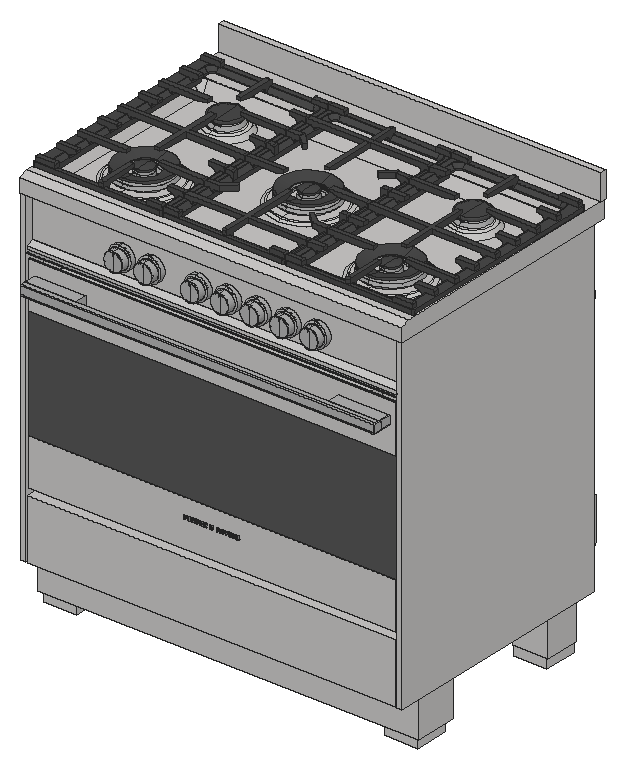
Revit family "FP_Revit_18_OR90SDG4X1_Range_90001042A", category Specialty Equipment, Revit 2018 (continued)
Definition of nested family "F&P Burner Dual Wok"
  Forms (mm)
    Revolve 4, solid, material <- "Material - Burners & Trivets", detail levels coarse+medium
      sketch origin (0, 0, 0) x (0, 1, 0) y (0, 0, 1)
        loop
          line (-67.134, 45.199) -> (-67.134, 23.2) -> (-36.35, 23.2) -> (-36.35, 36.951) -> (-67.134, 45.199)
        loop
          line (-21.2, 42.433) -> (-21.2, 23.2) -> (0, 23.2) -> (0, 42.433) -> (-21.2, 42.433)
        axis (0, 45.199) -> (0, 23.2)
      angle from 0 to 360
  Cuts and joins
    Extrusion 3 cuts Revolve 2
    Extrusion 3 cuts Revolve 1
  Dimensions and locks
    aligned and locked: level to plane 2
Definition of nested family "F&P Burner Semi Rapid"
  Parameters (values of type "F&P Burner Semi Rapid")
    URL = "www.fisherpaykel.com"
    Material - Burners & Trivets = none
    Material - Body = none
    Manufacturer = "Fisher & Paykel Appliances"
  Reference planes
    plane 1 "Center (Front/Back)": y = 0
    plane 2: z = 0
    plane 3 "Center (Left/Right)": x = 0
  Forms (mm)
    Revolve 1, solid, material <- "Material - Burners & Trivets", detail levels fine
      sketch origin (0, 0, 0) x (0, 1, 0) y (0, 0, 1)
        loop
          line (0, 18.4) -> (0, 21.9) -> (-34.1, 21.9)
          arc (-34.1, 21.9) -> (-36.575, 20.875) -> (-37.6, 18.4) r 3.5
          line (-37.6, 18.4) -> (0, 18.4)
        axis (0, 21.9) -> (0, 18.4)
      angle from 0 to 360
    Revolve 2, solid, material <- "Material - Body", detail levels fine
      sketch origin (0, 0, 0) x (0, 1, 0) y (0, 0, 1)
        loop
          line (0, 18.4) -> (-31, 18.4) -> (-33.046, 11.4) -> (-35, 11.4) -> (-38, 3) -> (0, 3) -> (0, 18.4)
        axis (0, 18.4) -> (0, 3)
      angle from 0 to 360
    Extrusion 3, solid, material <- "Material - Burners & Trivets", detail levels coarse+medium
      sketch origin (0, 0, 0) x (1, 0, 0) y (0, 1, 0)
        loop
          circle (0, 0) r 38
      from 0 to 22
  Dimensions and locks
    aligned and locked: level to plane 2
Definition of nested family "F&P Dial Range Contemporary"
  Parameters (values of type "F&P Dial Range Contemporary")
    URL = "www.fisherpaykel.com"
    Material - Buttons and Dials = none
    Manufacturer = "Fisher & Paykel Appliances"
  Reference planes
    plane 1 "Center (Front/Back)": y = 0
    plane 2: z = 0
    plane 3 "Center (Left/Right)": x = 0
  Forms (mm)
    Revolve 1, solid, material <- "Material - Buttons and Dials", detail levels fine
      sketch origin (0, 0, 0) x (0, 1, 0) y (0, 0, 1)
        loop
          line (0, 0) -> (0, 27.732) -> (-10.5, 27.732) -> (-13, 24.291) -> (-13, 22) -> (-29.2, 22) -> (-30, 21.2) -> (-30, 0) -> (0, 0)
        axis (0, 0) -> (-30, 0)
      angle from 0 to 360
    Revolve 2, solid, material <- "Material - Buttons and Dials", detail levels coarse+medium
      sketch origin (0, 0, 0) x (0, 1, 0) y (0, 0, 1)
        loop
          line (-30, 0) -> (0, 0) -> (0, 27.732) -> (-13, 27.732) -> (-13, 22) -> (-30, 22) -> (-30, 0)
        axis (0, 0) -> (-30, 0)
      angle from 0 to 360
    Extrusion 3, void
      sketch origin (0, 0, 0) x (1, 0, 0) y (0, 1, 0)
        loop
          line (-1, -6) -> (-1, -13) -> (1, -13) -> (1, -6)
          arc (1, -6) -> (0, -5) -> (-1, -6) r 1
      from 27 to 28
    Extrusion 4, void
      sketch origin (0, 0, 0) x (1, 0, 0) y (0, 0, 1)
        loop
          line (-1, 19) -> (-1, 16)
          arc (-1, 16) -> (0, 15) -> (1, 16) r 1
          line (1, 16) -> (1, 19)
          arc (1, 19) -> (0, 20) -> (-1, 19) r 1
      from 29.2 to 30
  Cuts and joins
    Extrusion 3, Extrusion 4 cuts Revolve 1
  Dimensions and locks
    aligned and locked: level to plane 2
Definition of nested family "F&P Trivet Range Classic 90"
  Parameters (values of type "F&P Trivet Range Classic 90")
    URL = "www.fisherpaykel.com"
    Material - Burners & Trivets = none
    Manufacturer = "Fisher & Paykel Appliances"
  Reference planes
    plane 1 "Center (Front/Back)": y = 0
    plane 2: z = 0
    plane 3 "Center (Left/Right)": x = 0
  Forms (mm)
    Extrusion 1, solid, material <- "Material - Burners & Trivets", detail levels medium+fine
      sketch origin (0, 0, 0) x (1, 0, 0) y (0, 1, 0)
        loop
          arc (-298.9, 251.75) -> (-301.728, 250.578) -> (-302.9, 247.75) r 4
          line (-302.9, 247.75) -> (-302.9, -247.75)
          arc (-302.9, -247.75) -> (-301.728, -250.578) -> (-298.9, -251.75) r 4
          line (-298.9, -251.75) -> (-4.9, -251.75)
          arc (-4.9, -251.75) -> (-2.072, -250.578) -> (-0.9, -247.75) r 4
          line (-0.9, -247.75) -> (-0.9, 247.75)
          arc (-0.9, 247.75) -> (-2.072, 250.578) -> (-4.9, 251.75) r 4
          line (-4.9, 251.75) -> (-298.9, 251.75)
        loop
          arc (-31.7, -241.25) -> (-17.558, -235.392) -> (-11.7, -221.25) r 20
          line (-11.7, -221.25) -> (-11.7, 221.25)
          arc (-11.7, 221.25) -> (-17.558, 235.392) -> (-31.7, 241.25) r 20
          line (-31.7, 241.25) -> (-259.31, 241.25)
          arc (-259.31, 241.25) -> (-273.452, 235.392) -> (-279.31, 221.25) r 20
          line (-279.31, 221.25) -> (-279.31, -221.25)
          arc (-279.31, -221.25) -> (-273.452, -235.392) -> (-259.31, -241.25) r 20
          line (-259.31, -241.25) -> (-31.7, -241.25)
      from 9.493 to 19
    Sweep 2, solid, material <- "Material - Burners & Trivets", detail levels medium+fine
      path in 3D
        loop
          arc (-279.31, 221.25, 19) -> (-273.452, 235.392, 19) -> (-259.31, 241.25, 19) r 20
          line (-259.31, 241.25, 19) -> (-31.7, 241.25, 19)
          arc (-31.7, 241.25, 19) -> (-17.558, 235.392, 19) -> (-11.7, 221.25, 19) r 20
          line (-11.7, 221.25, 19) -> (-11.7, -221.25, 19)
          arc (-11.7, -221.25, 19) -> (-17.558, -235.392, 19) -> (-31.7, -241.25, 19) r 20
          line (-31.7, -241.25, 19) -> (-259.31, -241.25, 19)
          arc (-259.31, -241.25, 19) -> (-273.452, -235.392, 19) -> (-279.31, -221.25, 19) r 20
          line (-279.31, -221.25, 19) -> (-279.31, 221.25, 19)
      profile origin (-279.31, 0, 19) x (-1, 0, 0) y (0, 0, 1)
        loop
          line (0, 0) -> (-10.55, -9.507) -> (-10.55, -19) -> (0, -19) -> (0, 0)
    Extrusion 3, solid, material <- "Material - Burners & Trivets", detail levels medium+fine
      sketch origin (0, 0, 0) x (1, 0, 0) y (0, 0, 1)
        loop
          line (-298.89, 19) -> (-279.31, 19) -> (-268.76, 9.493) -> (-268.76, 13.504)
          arc (-268.76, 13.504) -> (-267.798, 16.453) -> (-265.283, 18.267) r 5
          line (-265.283, 18.267) -> (-252.67, 22.3) -> (-252.67, 27.3)
          arc (-252.67, 27.3) -> (-253.549, 29.421) -> (-255.67, 30.3) r 3
          line (-255.67, 30.3) -> (-295.89, 30.3)
          arc (-295.89, 30.3) -> (-298.011, 29.421) -> (-298.89, 27.3) r 3
          line (-298.89, 27.3) -> (-298.89, 19)
        loop
          line (-0.9, 19) -> (-0.9, 27.3)
          arc (-0.9, 27.3) -> (-1.779, 29.421) -> (-3.9, 30.3) r 3
          line (-3.9, 30.3) -> (-38.33, 30.3) -> (-38.33, 22.298) -> (-25.717, 18.266)
          arc (-25.717, 18.266) -> (-23.202, 16.451) -> (-22.24, 13.503) r 5
          line (-22.24, 13.503) -> (-22.24, 9.507) -> (-11.705, 19) -> (-0.9, 19)
      from 174.48 to 185.18
    Extrusion 4, solid, material <- "Material - Burners & Trivets", detail levels medium+fine
      sketch origin (0, 0, 0) x (1, 0, 0) y (0, 0, 1)
        loop
          line (-252.67, 19) -> (-252.67, 27.3)
          arc (-252.67, 27.3) -> (-253.549, 29.421) -> (-255.67, 30.3) r 3
          line (-255.67, 30.3) -> (-295.89, 30.3)
          arc (-295.89, 30.3) -> (-298.011, 29.421) -> (-298.89, 27.3) r 3
          line (-298.89, 27.3) -> (-298.89, 19) -> (-252.67, 19)
        loop
          line (-0.9, 19) -> (-0.9, 27.3)
          arc (-0.9, 27.3) -> (-1.779, 29.421) -> (-3.9, 30.3) r 3
          line (-3.9, 30.3) -> (-35.33, 30.3)
          arc (-35.33, 30.3) -> (-37.451, 29.421) -> (-38.33, 27.3) r 3
          line (-38.33, 27.3) -> (-38.33, 19) -> (-0.9, 19)
      from 238.25 to 248.23
    Extrusion 5, solid, material <- "Material - Burners & Trivets", detail levels medium+fine
      sketch origin (0, 0, 0) x (1, 0, 0) y (0, 0, 1)
        loop
          line (-298.89, 19) -> (-279.31, 19) -> (-268.76, 9.493) -> (-268.76, 13.3)
          arc (-268.76, 13.3) -> (-267.296, 16.836) -> (-263.76, 18.3) r 5
          line (-263.76, 18.3) -> (-208.4, 18.3) -> (-183.4, 23.8) -> (-183.4, 30.3) -> (-295.89, 30.3)
          arc (-295.89, 30.3) -> (-298.011, 29.421) -> (-298.89, 27.3) r 3
          line (-298.89, 27.3) -> (-298.89, 19)
        loop
          line (-0.9, 19) -> (-0.9, 27.3)
          arc (-0.9, 27.3) -> (-1.779, 29.421) -> (-3.9, 30.3) r 3
          line (-3.9, 30.3) -> (-107.6, 30.3) -> (-107.6, 23.8) -> (-82.6, 18.3) -> (-27.24, 18.3)
          arc (-27.24, 18.3) -> (-23.704, 16.836) -> (-22.24, 13.3) r 5
          line (-22.24, 13.3) -> (-22.24, 9.507) -> (-11.705, 19) -> (-0.9, 19)
      from 114.52 to 125.22
    Extrusion 6, solid, material <- "Material - Burners & Trivets", detail levels medium+fine
      sketch origin (0, 0, 0) x (0, 1, 0) y (0, 0, 1)
        loop
          line (-230.721, 9.512) -> (-230.721, 14)
          arc (-230.721, 14) -> (-229.257, 17.536) -> (-225.721, 19) r 5
          line (-225.721, 19) -> (-179.278, 19) -> (-157.46, 23.8) -> (-157.46, 30.3) -> (-243.58, 30.3)
          arc (-243.58, 30.3) -> (-245.701, 29.421) -> (-246.58, 27.3) r 3
          line (-246.58, 27.3) -> (-246.58, 19) -> (-241.25, 19) -> (-230.721, 9.512)
        loop
          line (-5.82, 18.3) -> (-5.82, 30.3) -> (-82.12, 30.3) -> (-82.12, 23.8) -> (-57.12, 18.3) -> (-5.82, 18.3)
        loop
          line (230.721, 9.514) -> (241.248, 19) -> (246.58, 19) -> (246.58, 27.3)
          arc (246.58, 27.3) -> (245.701, 29.421) -> (243.58, 30.3) r 3
          line (243.58, 30.3) -> (157.46, 30.3) -> (157.46, 23.8) -> (182.46, 18.3) -> (225.721, 18.3)
          arc (225.721, 18.3) -> (229.257, 16.836) -> (230.721, 13.3) r 5
          line (230.721, 13.3) -> (230.721, 9.514)
        loop
          line (5.82, 18.3) -> (57.12, 18.3) -> (82.12, 23.8) -> (82.12, 30.3) -> (5.82, 30.3) -> (5.82, 18.3)
      from -150.604 to -140.396
    Extrusion 7, solid, material <- "Material - Burners & Trivets", detail levels medium+fine
      sketch origin (0, 0, 0) x (1, 0, 0) y (0, 0, 1)
        loop
          line (-298.89, 19) -> (-279.31, 19) -> (-268.76, 9.493) -> (-268.76, 13.3)
          arc (-268.76, 13.3) -> (-267.296, 16.836) -> (-263.76, 18.3) r 5
          line (-263.76, 18.3) -> (-27.24, 18.3)
          arc (-27.24, 18.3) -> (-23.704, 16.836) -> (-22.24, 13.3) r 5
          line (-22.24, 13.3) -> (-22.24, 9.507) -> (-11.705, 19) -> (-0.9, 19) -> (-0.9, 27.3)
          arc (-0.9, 27.3) -> (-1.779, 29.421) -> (-3.9, 30.3) r 3
          line (-3.9, 30.3) -> (-295.89, 30.3)
          arc (-295.89, 30.3) -> (-298.011, 29.421) -> (-298.89, 27.3) r 3
          line (-298.89, 27.3) -> (-298.89, 19)
      from -5.82 to 5.82
    Extrusion 8, solid, material <- "Material - Burners & Trivets", detail levels coarse
      sketch origin (0, 0, 0) x (1, 0, 0) y (0, 1, 0)
        loop
          line (-302.9, 251.75) -> (-302.9, -251.75) -> (-0.9, -251.75) -> (-0.9, 251.75) -> (-302.9, 251.75)
        loop
          line (-268.76, 230.7) -> (-268.76, -230.7) -> (-22.25, -230.7) -> (-22.25, 230.7) -> (-268.76, 230.7)
      from 9.493 to 19
    Extrusion 9, solid, detail levels coarse
      sketch origin (0, 0, 0) x (1, 0, 0) y (0, 1, 0)
        loop
          line (-150.604, 246.58) -> (-150.604, 125.22) -> (-298.89, 125.22) -> (-298.89, 114.52) -> (-150.604, 114.52) -> (-150.604, 5.82) -> (-298.89, 5.82) -> (-298.89, -5.82) -> (-150.604, -5.82) -> (-150.604, -114.52) -> (-298.89, -114.52) -> (-298.89, -125.22) -> (-150.604, -125.22) -> (-150.604, -246.58) -> (-140.396, -246.58) -> (-140.396, -125.22) -> (-0.9, -125.22) -> (-0.9, -114.52) -> (-140.396, -114.52) -> (-140.396, -5.82) -> (-0.9, -5.82) -> (-0.9, 5.82) -> (-140.396, 5.82) -> (-140.396, 114.52) -> (-0.9, 114.52) -> (-0.9, 125.22) -> (-140.396, 125.22) -> (-140.396, 246.58) -> (-150.604, 246.58)
      from 19 to 30.3
    Extrusion 10, solid, material <- "Material - Burners & Trivets", detail levels medium+fine
      sketch origin (0, -239.74, 0) x (1, 0, 0) y (0, 0, -1)
        loop
          line (-298.89, -19) -> (-298.89, -27.3)
          arc (-298.89, -27.3) -> (-298.011, -29.421) -> (-295.89, -30.3) r 3
          line (-295.89, -30.3) -> (-255.67, -30.3)
          arc (-255.67, -30.3) -> (-253.549, -29.421) -> (-252.67, -27.3) r 3
          line (-252.67, -27.3) -> (-252.67, -22.3) -> (-265.283, -18.267)
          arc (-265.283, -18.267) -> (-267.798, -16.453) -> (-268.76, -13.504) r 5
          line (-268.76, -13.504) -> (-268.76, -9.493) -> (-279.31, -19) -> (-298.89, -19)
        loop
          line (-0.9, -19) -> (-11.705, -19) -> (-22.24, -9.507) -> (-22.24, -13.503)
          arc (-22.24, -13.503) -> (-23.202, -16.451) -> (-25.717, -18.266) r 5
          line (-25.717, -18.266) -> (-38.33, -22.298) -> (-38.33, -30.3) -> (-3.9, -30.3)
          arc (-3.9, -30.3) -> (-1.779, -29.421) -> (-0.9, -27.3) r 3
          line (-0.9, -27.3) -> (-0.9, -19)
      from 174.48 to 185.18
    Extrusion 11, solid, material <- "Material - Burners & Trivets", detail levels medium+fine
      sketch origin (0, 239.74, 0) x (1, 0, 0) y (0, 0, 1)
        loop
          line (-298.89, 19) -> (-279.31, 19) -> (-268.76, 9.493) -> (-268.76, 13.504)
          arc (-268.76, 13.504) -> (-267.798, 16.453) -> (-265.283, 18.267) r 5
          line (-265.283, 18.267) -> (-252.67, 22.3) -> (-252.67, 27.3)
          arc (-252.67, 27.3) -> (-253.549, 29.421) -> (-255.67, 30.3) r 3
          line (-255.67, 30.3) -> (-295.89, 30.3)
          arc (-295.89, 30.3) -> (-298.011, 29.421) -> (-298.89, 27.3) r 3
          line (-298.89, 27.3) -> (-298.89, 19)
        loop
          line (-0.9, 19) -> (-0.9, 27.3)
          arc (-0.9, 27.3) -> (-1.779, 29.421) -> (-3.9, 30.3) r 3
          line (-3.9, 30.3) -> (-38.33, 30.3) -> (-38.33, 22.298) -> (-25.717, 18.266)
          arc (-25.717, 18.266) -> (-23.202, 16.451) -> (-22.24, 13.503) r 5
          line (-22.24, 13.503) -> (-22.24, 9.507) -> (-11.705, 19) -> (-0.9, 19)
      from 174.48 to 185.18
    Extrusion 12, solid, material <- "Material - Burners & Trivets", detail levels medium+fine
      sketch origin (0, 0, 0) x (1, 0, 0) y (0, 0, -1)
        loop
          line (-298.89, -19) -> (-298.89, -27.3)
          arc (-298.89, -27.3) -> (-298.011, -29.421) -> (-295.89, -30.3) r 3
          line (-295.89, -30.3) -> (-255.67, -30.3)
          arc (-255.67, -30.3) -> (-253.549, -29.421) -> (-252.67, -27.3) r 3
          line (-252.67, -27.3) -> (-252.67, -22.3) -> (-265.283, -18.267)
          arc (-265.283, -18.267) -> (-267.798, -16.453) -> (-268.76, -13.504) r 5
          line (-268.76, -13.504) -> (-268.76, -9.493) -> (-279.31, -19) -> (-298.89, -19)
        loop
          line (-0.9, -19) -> (-11.705, -19) -> (-22.24, -9.507) -> (-22.24, -13.503)
          arc (-22.24, -13.503) -> (-23.202, -16.451) -> (-25.717, -18.266) r 5
          line (-25.717, -18.266) -> (-38.33, -22.298) -> (-38.33, -30.3) -> (-3.9, -30.3)
          arc (-3.9, -30.3) -> (-1.779, -29.421) -> (-0.9, -27.3) r 3
          line (-0.9, -27.3) -> (-0.9, -19)
      from 174.48 to 185.18
    Extrusion 13, solid, material <- "Material - Burners & Trivets", detail levels medium+fine
      sketch origin (0, 0, 0) x (1, 0, 0) y (0, 0, -1)
        loop
          line (-298.89, -19) -> (-298.89, -27.3)
          arc (-298.89, -27.3) -> (-298.011, -29.421) -> (-295.89, -30.3) r 3
          line (-295.89, -30.3) -> (-183.4, -30.3) -> (-183.4, -23.8) -> (-208.4, -18.3) -> (-263.76, -18.3)
          arc (-263.76, -18.3) -> (-267.296, -16.836) -> (-268.76, -13.3) r 5
          line (-268.76, -13.3) -> (-268.76, -9.493) -> (-279.31, -19) -> (-298.89, -19)
        loop
          line (-0.9, -19) -> (-11.705, -19) -> (-22.24, -9.507) -> (-22.24, -13.3)
          arc (-22.24, -13.3) -> (-23.704, -16.836) -> (-27.24, -18.3) r 5
          line (-27.24, -18.3) -> (-82.6, -18.3) -> (-107.6, -23.8) -> (-107.6, -30.3) -> (-3.9, -30.3)
          arc (-3.9, -30.3) -> (-1.779, -29.421) -> (-0.9, -27.3) r 3
          line (-0.9, -27.3) -> (-0.9, -19)
      from 114.52 to 125.22
    Extrusion 14, solid, material <- "Material - Burners & Trivets", detail levels medium+fine
      sketch origin (0, 0, 0) x (1, 0, 0) y (0, 0, -1)
        loop
          line (-252.67, -19) -> (-298.89, -19) -> (-298.89, -27.3)
          arc (-298.89, -27.3) -> (-298.011, -29.421) -> (-295.89, -30.3) r 3
          line (-295.89, -30.3) -> (-255.67, -30.3)
          arc (-255.67, -30.3) -> (-253.549, -29.421) -> (-252.67, -27.3) r 3
          line (-252.67, -27.3) -> (-252.67, -19)
        loop
          line (-0.9, -19) -> (-38.33, -19) -> (-38.33, -27.3)
          arc (-38.33, -27.3) -> (-37.451, -29.421) -> (-35.33, -30.3) r 3
          line (-35.33, -30.3) -> (-3.9, -30.3)
          arc (-3.9, -30.3) -> (-1.779, -29.421) -> (-0.9, -27.3) r 3
          line (-0.9, -27.3) -> (-0.9, -19)
      from 238.25 to 248.23
  Cuts and joins
    joined: Extrusion 6, Extrusion 7
  Lines and regions (mm)
    sketch lines
      curve 1: line (-279.31, -221.25, 19) -> (-279.31, 221.25, 19)
      curve 2: arc (-279.31, -221.25, 19) -> (-273.452, -235.392, 19) -> (-259.31, -241.25, 19) r 20
      curve 3: line (-31.7, -241.25, 19) -> (-259.31, -241.25, 19)
      curve 4: line (-11.7, 221.25, 19) -> (-11.7, -221.25, 19)
      curve 5: arc (-31.7, -241.25, 19) -> (-17.558, -235.392, 19) -> (-11.7, -221.25, 19) r 20
      curve 6: arc (-11.7, 221.25, 19) -> (-17.558, 235.392, 19) -> (-31.7, 241.25, 19) r 20
      curve 7: line (-259.31, 241.25, 19) -> (-31.7, 241.25, 19)
      curve 8: arc (-259.31, 241.25, 19) -> (-273.452, 235.392, 19) -> (-279.31, 221.25, 19) r 20
  Dimensions and locks
    aligned and locked: level to plane 2
Definition of nested family "F&P Trivet Range Classic Centre 90"
  Parameters (values of type "F&P Trivet Range Classic Centre 90")
    URL = "www.fisherpaykel.com"
    Material - Burners & Trivets = none
    Manufacturer = "Fisher & Paykel Appliances"
  Reference planes
    plane 1 "Center (Front/Back)": y = 0
    plane 2: z = 0
    plane 3 "Center (Left/Right)": x = 0
  Forms (mm)
    Extrusion 1, solid, material <- "Material - Burners & Trivets", detail levels medium+fine
      sketch origin (0, 0, 0) x (1, 0, 0) y (0, 1, 0)
        loop
          arc (-139, 251.75) -> (-141.828, 250.578) -> (-143, 247.75) r 4
          line (-143, 247.75) -> (-143, -247.75)
          arc (-143, -247.75) -> (-141.828, -250.578) -> (-139, -251.75) r 4
          line (-139, -251.75) -> (139, -251.75)
          arc (139, -251.75) -> (141.828, -250.578) -> (143, -247.75) r 4
          line (143, -247.75) -> (143, 247.75)
          arc (143, 247.75) -> (141.828, 250.578) -> (139, 251.75) r 4
          line (139, 251.75) -> (-139, 251.75)
        loop
          arc (115.32, -241.25) -> (129.462, -235.392) -> (135.32, -221.25) r 20
          line (135.32, -221.25) -> (135.32, 221.25)
          arc (135.32, 221.25) -> (129.462, 235.392) -> (115.32, 241.25) r 20
          line (115.32, 241.25) -> (-115.23, 241.25)
          arc (-115.23, 241.25) -> (-129.372, 235.392) -> (-135.23, 221.25) r 20
          line (-135.23, 221.25) -> (-135.23, -221.25)
          arc (-135.23, -221.25) -> (-129.372, -235.392) -> (-115.23, -241.25) r 20
          line (-115.23, -241.25) -> (115.32, -241.25)
      from 9.493 to 19
    Sweep 2, solid, material <- "Material - Burners & Trivets", detail levels medium+fine
      path in 3D
        loop
          arc (-135.23, 221.25, 19) -> (-129.372, 235.392, 19) -> (-115.23, 241.25, 19) r 20
          line (-115.23, 241.25, 19) -> (115.32, 241.25, 19)
          arc (115.32, 241.25, 19) -> (129.462, 235.392, 19) -> (135.32, 221.25, 19) r 20
          line (135.32, 221.25, 19) -> (135.32, -221.25, 19)
          arc (135.32, -221.25, 19) -> (129.462, -235.392, 19) -> (115.32, -241.25, 19) r 20
          line (115.32, -241.25, 19) -> (-115.23, -241.25, 19)
          arc (-115.23, -241.25, 19) -> (-129.372, -235.392, 19) -> (-135.23, -221.25, 19) r 20
          line (-135.23, -221.25, 19) -> (-135.23, 221.25, 19)
      profile origin (-135.23, 0, 19) x (-1, 0, 0) y (0, 0, 1)
        loop
          line (0, 0) -> (-10.55, -9.507) -> (-10.55, -19) -> (0, -19) -> (0, 0)
    Extrusion 3, solid, material <- "Material - Burners & Trivets", detail levels medium+fine
      sketch origin (0, 0, 0) x (1, 0, 0) y (0, 0, 1)
        loop
          line (-143, 19) -> (-135.23, 19) -> (-124.671, 9.484) -> (-124.671, 27.3)
          arc (-124.671, 27.3) -> (-125.549, 29.421) -> (-127.671, 30.3) r 3
          line (-127.671, 30.3) -> (-140, 30.3)
          arc (-140, 30.3) -> (-142.121, 29.421) -> (-143, 27.3) r 3
          line (-143, 27.3) -> (-143, 19)
        loop
          line (143, 19) -> (143, 27.3)
          arc (143, 27.3) -> (142.121, 29.421) -> (140, 30.3) r 3
          line (140, 30.3) -> (127.77, 30.3)
          arc (127.77, 30.3) -> (125.649, 29.421) -> (124.77, 27.3) r 3
          line (124.77, 27.3) -> (124.77, 9.493) -> (135.32, 19) -> (143, 19)
      from 54.96 to 65.66
    Extrusion 4, solid, material <- "Material - Burners & Trivets", detail levels medium+fine
      sketch origin (0, 0, 0) x (1, 0, 0) y (0, 0, 1)
        loop
          line (-106.97, 19) -> (-106.97, 27.3)
          arc (-106.97, 27.3) -> (-107.849, 29.421) -> (-109.97, 30.3) r 3
          line (-109.97, 30.3) -> (-140, 30.3)
          arc (-140, 30.3) -> (-142.121, 29.421) -> (-143, 27.3) r 3
          line (-143, 27.3) -> (-143, 19) -> (-106.97, 19)
        loop
          line (143, 19) -> (143, 27.3)
          arc (143, 27.3) -> (142.121, 29.421) -> (140, 30.3) r 3
          line (140, 30.3) -> (109.97, 30.3)
          arc (109.97, 30.3) -> (107.849, 29.421) -> (106.97, 27.3) r 3
          line (106.97, 27.3) -> (106.97, 19) -> (143, 19)
      from 238.25 to 248.23
    Extrusion 5, solid, material <- "Material - Burners & Trivets", detail levels medium+fine
      sketch origin (0, 0, 0) x (1, 0, 0) y (0, 0, 1)
        loop
          line (-143, 19) -> (-135.23, 19) -> (-124.671, 9.484) -> (-124.671, 14)
          arc (-124.671, 14) -> (-123.206, 17.536) -> (-119.671, 19) r 5
          line (-119.671, 19) -> (-73.203, 19) -> (-54.5, 24.611) -> (-54.5, 30.3) -> (-140, 30.3)
          arc (-140, 30.3) -> (-142.121, 29.421) -> (-143, 27.3) r 3
          line (-143, 27.3) -> (-143, 19)
        loop
          line (143, 19) -> (143, 27.3)
          arc (143, 27.3) -> (142.121, 29.421) -> (140, 30.3) r 3
          line (140, 30.3) -> (54.5, 30.3) -> (54.5, 24.201) -> (71.837, 19) -> (119.77, 19)
          arc (119.77, 19) -> (123.306, 17.536) -> (124.77, 14) r 5
          line (124.77, 14) -> (124.77, 9.493) -> (135.32, 19) -> (143, 19)
      from -5.82 to 5.82
    Extrusion 6, solid, material <- "Material - Burners & Trivets", detail levels medium+fine
      sketch origin (0, 0, 0) x (0, 1, 0) y (0, 0, 1)
        loop
          line (-230.721, 9.512) -> (-230.721, 14)
          arc (-230.721, 14) -> (-229.257, 17.536) -> (-225.721, 19) r 5
          line (-225.721, 19) -> (-185.18, 19) -> (-185.18, 30.288) -> (-243.58, 30.288)
          arc (-243.58, 30.288) -> (-245.701, 29.409) -> (-246.58, 27.288) r 3
          line (-246.58, 27.288) -> (-246.58, 19) -> (-241.25, 19) -> (-230.721, 9.512)
        loop
          line (-54.96, 24.638) -> (-54.96, 30.288) -> (-174.48, 30.288) -> (-174.48, 19) -> (-73.63, 19) -> (-54.96, 24.638)
        loop
          line (230.721, 9.514) -> (241.248, 19) -> (246.58, 19) -> (246.58, 27.288)
          arc (246.58, 27.288) -> (245.701, 29.409) -> (243.58, 30.288) r 3
          line (243.58, 30.288) -> (185.18, 30.288) -> (185.18, 19) -> (225.721, 19)
          arc (225.721, 19) -> (229.257, 17.536) -> (230.721, 14) r 5
          line (230.721, 14) -> (230.721, 9.514)
        loop
          line (54.96, 30.288) -> (54.96, 24.638) -> (73.63, 19) -> (174.48, 19) -> (174.48, 30.288) -> (54.96, 30.288)
      from -5.104 to 5.104
    Extrusion 7, solid, material <- "Material - Burners & Trivets", detail levels medium+fine
      sketch origin (0, 0, 0) x (1, 0, 0) y (0, 0, 1)
        loop
          line (-143, 19) -> (-135.23, 19) -> (-124.671, 9.484) -> (-124.671, 14)
          arc (-124.671, 14) -> (-123.206, 17.536) -> (-119.671, 19) r 5
          line (-119.671, 19) -> (-112.17, 19) -> (-112.17, 30.3) -> (-140, 30.3)
          arc (-140, 30.3) -> (-142.121, 29.421) -> (-143, 27.3) r 3
          line (-143, 27.3) -> (-143, 19)
        loop
          line (140, 30.3) -> (112.17, 30.3) -> (112.17, 19) -> (119.77, 19)
          arc (119.77, 19) -> (123.306, 17.536) -> (124.77, 14) r 5
          line (124.77, 14) -> (124.77, 9.493) -> (135.32, 19) -> (143, 19) -> (143, 27.3)
          arc (143, 27.3) -> (142.121, 29.421) -> (140, 30.3) r 3
      from 114.52 to 125.22
    Extrusion 8, solid, material <- "Material - Burners & Trivets", detail levels coarse
      sketch origin (0, 0, 0) x (1, 0, 0) y (0, 1, 0)
        loop
          line (-143, 251.75) -> (-143, -251.75) -> (143, -251.75) -> (143, 251.75) -> (-143, 251.75)
        loop
          line (-124.671, 230.7) -> (-124.671, -230.7) -> (124.77, -230.7) -> (124.77, 230.7) -> (-124.671, 230.7)
      from 9.493 to 19
    Extrusion 9, solid, material <- "Material - Burners & Trivets", detail levels medium+fine
      sketch origin (0, 0, 0) x (1, 0, 0) y (0, 0, 1)
        loop
          line (-143, 19) -> (-135.23, 19) -> (-124.671, 9.484) -> (-124.671, 14)
          arc (-124.671, 14) -> (-123.206, 17.536) -> (-119.671, 19) r 5
          line (-119.671, 19) -> (119.77, 19)
          arc (119.77, 19) -> (123.306, 17.536) -> (124.77, 14) r 5
          line (124.77, 14) -> (124.77, 9.493) -> (135.32, 19) -> (143, 19) -> (143, 27.3)
          arc (143, 27.3) -> (142.121, 29.421) -> (140, 30.3) r 3
          line (140, 30.3) -> (-140, 30.3)
          arc (-140, 30.3) -> (-142.121, 29.421) -> (-143, 27.3) r 3
          line (-143, 27.3) -> (-143, 19)
      from 174.48 to 185.18
    Extrusion 10, solid, material <- "Material - Burners & Trivets", detail levels medium+fine
      sketch origin (0, 0, 0) x (1, 0, 0) y (0, 1, 0)
        loop
          line (-112.17, -114.52) -> (-112.17, -125.22) -> (-108.846, -125.22) -> (-83.515, -99.889) -> (-88.797, -94.607) -> (-112.17, -114.52)
        loop
          line (112.17, -114.52) -> (88.797, -94.607) -> (83.515, -99.889) -> (108.846, -125.22) -> (112.17, -125.22) -> (112.17, -114.52)
      from 19 to 30.3
    Extrusion 11, solid, material <- "Material - Burners & Trivets", detail levels medium+fine
      sketch origin (0, 0, 0) x (1, 0, 0) y (0, 0, -1)
        loop
          line (-143, -19) -> (-143, -27.3)
          arc (-143, -27.3) -> (-142.121, -29.421) -> (-140, -30.3) r 3
          line (-140, -30.3) -> (-127.671, -30.3)
          arc (-127.671, -30.3) -> (-125.549, -29.421) -> (-124.671, -27.3) r 3
          line (-124.671, -27.3) -> (-124.671, -9.484) -> (-135.23, -19) -> (-143, -19)
        loop
          line (143, -19) -> (135.32, -19) -> (124.77, -9.493) -> (124.77, -27.3)
          arc (124.77, -27.3) -> (125.649, -29.421) -> (127.77, -30.3) r 3
          line (127.77, -30.3) -> (140, -30.3)
          arc (140, -30.3) -> (142.121, -29.421) -> (143, -27.3) r 3
          line (143, -27.3) -> (143, -19)
      from 54.96 to 65.66
    Extrusion 12, solid, material <- "Material - Burners & Trivets", detail levels medium+fine
      sketch origin (0, 0, 0) x (1, 0, 0) y (0, 0, -1)
        loop
          line (-106.97, -19) -> (-143, -19) -> (-143, -27.3)
          arc (-143, -27.3) -> (-142.121, -29.421) -> (-140, -30.3) r 3
          line (-140, -30.3) -> (-109.97, -30.3)
          arc (-109.97, -30.3) -> (-107.849, -29.421) -> (-106.97, -27.3) r 3
          line (-106.97, -27.3) -> (-106.97, -19)
        loop
          line (143, -19) -> (106.97, -19) -> (106.97, -27.3)
          arc (106.97, -27.3) -> (107.849, -29.421) -> (109.97, -30.3) r 3
          line (109.97, -30.3) -> (140, -30.3)
          arc (140, -30.3) -> (142.121, -29.421) -> (143, -27.3) r 3
          line (143, -27.3) -> (143, -19)
      from 238.25 to 248.23
    Extrusion 13, solid, material <- "Material - Burners & Trivets", detail levels medium+fine
      sketch origin (0, 0, 0) x (1, 0, 0) y (0, 0, -1)
        loop
          line (-143, -19) -> (-143, -27.3)
          arc (-143, -27.3) -> (-142.121, -29.421) -> (-140, -30.3) r 3
          line (-140, -30.3) -> (-112.17, -30.3) -> (-112.17, -19) -> (-119.671, -19)
          arc (-119.671, -19) -> (-123.206, -17.536) -> (-124.671, -14) r 5
          line (-124.671, -14) -> (-124.671, -9.484) -> (-135.23, -19) -> (-143, -19)
        loop
          arc (140, -30.3) -> (142.121, -29.421) -> (143, -27.3) r 3
          line (143, -27.3) -> (143, -19) -> (135.32, -19) -> (124.77, -9.493) -> (124.77, -14)
          arc (124.77, -14) -> (123.306, -17.536) -> (119.77, -19) r 5
          line (119.77, -19) -> (112.17, -19) -> (112.17, -30.3) -> (140, -30.3)
      from 114.52 to 125.22
    Extrusion 14, solid, material <- "Material - Burners & Trivets", detail levels medium+fine
      sketch origin (0, 0, 0) x (1, 0, 0) y (0, 0, -1)
        loop
          line (-143, -19) -> (-143, -27.3)
          arc (-143, -27.3) -> (-142.121, -29.421) -> (-140, -30.3) r 3
          line (-140, -30.3) -> (140, -30.3)
          arc (140, -30.3) -> (142.121, -29.421) -> (143, -27.3) r 3
          line (143, -27.3) -> (143, -19) -> (135.32, -19) -> (124.77, -9.493) -> (124.77, -14)
          arc (124.77, -14) -> (123.306, -17.536) -> (119.77, -19) r 5
          line (119.77, -19) -> (-119.671, -19)
          arc (-119.671, -19) -> (-123.206, -17.536) -> (-124.671, -14) r 5
          line (-124.671, -14) -> (-124.671, -9.484) -> (-135.23, -19) -> (-143, -19)
      from 174.48 to 185.18
    Extrusion 15, solid, material <- "Material - Burners & Trivets", detail levels medium+fine
      sketch origin (0, 0, 0) x (1, 0, 0) y (0, 1, 0)
        loop
          line (-112.17, 114.52) -> (-88.797, 94.607) -> (-83.515, 99.889) -> (-108.846, 125.22) -> (-112.17, 125.22) -> (-112.17, 114.52)
        loop
          line (112.17, 114.52) -> (112.17, 125.22) -> (108.846, 125.22) -> (83.515, 99.889) -> (88.797, 94.607) -> (112.17, 114.52)
      from 19 to 30.3
    Extrusion 16, solid, material <- "Material - Burners & Trivets", detail levels coarse
      sketch origin (0, 0, 0) x (1, 0, 0) y (0, 1, 0)
        loop
          line (-5.104, 246.58) -> (-5.104, 185.18) -> (-143, 185.18) -> (-143, 174.48) -> (-5.104, 174.48) -> (-5.104, 5.82) -> (-143, 5.82) -> (-143, -5.82) -> (-5.104, -5.82) -> (-5.104, -174.48) -> (-143, -174.48) -> (-143, -185.18) -> (-5.104, -185.18) -> (-5.104, -246.58) -> (5.104, -246.58) -> (5.104, -185.18) -> (143, -185.18) -> (143, -174.48) -> (5.104, -174.48) -> (5.104, -5.82) -> (143, -5.82) -> (143, 5.82) -> (5.104, 5.82) -> (5.104, 174.48) -> (143, 174.48) -> (143, 185.18) -> (5.104, 185.18) -> (5.104, 246.58) -> (-5.104, 246.58)
      from 18.3 to 30.3
  Cuts and joins
    joined: Extrusion 6, Extrusion 7, Extrusion 9, Extrusion 10
  Lines and regions (mm)
    sketch lines
      curve 1: line (-135.23, -221.25, 19) -> (-135.23, 221.25, 19)
      curve 2: arc (-135.23, -221.25, 19) -> (-129.372, -235.392, 19) -> (-115.23, -241.25, 19) r 20
      curve 3: line (115.32, -241.25, 19) -> (-115.23, -241.25, 19)
      curve 4: line (135.32, 221.25, 19) -> (135.32, -221.25, 19)
      curve 5: arc (115.32, -241.25, 19) -> (129.462, -235.392, 19) -> (135.32, -221.25, 19) r 20
      curve 6: arc (135.32, 221.25, 19) -> (129.462, 235.392, 19) -> (115.32, 241.25, 19) r 20
      curve 7: line (-115.23, 241.25, 19) -> (115.32, 241.25, 19)
      curve 8: arc (-115.23, 241.25, 19) -> (-129.372, 235.392, 19) -> (-135.23, 221.25, 19) r 20
  Dimensions and locks
    aligned and locked: level to plane 2
Definition of nested family "F&P Handle Contemporary OR30-36"
  Parameters (values of type "30"")
    URL = "www.fisherpaykel.com"
    Product - Width = 710 mm
    Model = ""
    Material - Handle = none
    Manufacturer = "Fisher & Paykel Appliances"
    Keynote = ""
    Description = ""
  Types (3, lengths in mm): name | Product - Width
    (no name) | 710
    36" | 834
    30" | 710
  Reference planes
    plane 1 "Center (Front/Back)": y = 0
    plane 2: z = 0
    plane 3 "Center (Left/Right)": x = 0
    plane 4 "Product LHS": x = -355
    plane 5 "Product RHS": x = 355
  Forms (mm)
    Extrusion 1, solid, material <- "Material - Handle", detail levels fine
      sketch origin (0, 0, 30.1) x (0, 1, 0) y (0, 0, 1)
        loop
          arc (-25.32, 688.263) -> (-20.3, 677.063) -> (-25.32, 665.863) r 15.003
          line (-25.32, 665.863) -> (4.5, 665.863) -> (4.5, 688.263) -> (-25.32, 688.263)
      from 355 to 235
    Extrusion 2, solid, material <- "Material - Handle", detail levels fine
      sketch origin (0, 0, 30.1) x (0, 1, 0) y (0, 0, 1)
        loop
          line (-25.869, 688.563) -> (-37.028, 688.563)
          arc (-37.028, 688.563) -> (-38.776, 687.838) -> (-39.5, 686.09) r 2.472
          line (-39.5, 686.09) -> (-39.5, 668.098)
          arc (-39.5, 668.098) -> (-38.758, 666.305) -> (-36.965, 665.563) r 2.535
          line (-36.965, 665.563) -> (-25.869, 665.563)
          arc (-25.869, 665.563) -> (-20.572, 677.063) -> (-25.869, 688.563) r 15.131
      from -355 to 355
    Extrusion 3, solid, material <- "Material - Handle", detail levels fine
      sketch origin (0, 0, 30.1) x (0, 1, 0) y (0, 0, 1)
        loop
          arc (-25.32, 688.263) -> (-20.3, 677.063) -> (-25.32, 665.863) r 15.003
          line (-25.32, 665.863) -> (4.5, 665.863) -> (4.5, 688.263) -> (-25.32, 688.263)
      from -235 to -355
    Sweep 4, void
      path in 3D
        loop
          line (355, -25.869, 718.663) -> (355, -37.028, 718.663)
          arc (355, -37.028, 718.663) -> (355, -38.776, 717.938) -> (355, -39.5, 716.19) r 2.472
          line (355, -39.5, 716.19) -> (355, -39.5, 698.198)
          arc (355, -39.5, 698.198) -> (355, -38.758, 696.405) -> (355, -36.965, 695.663) r 2.535
          line (355, -36.965, 695.663) -> (355, -25.869, 695.663)
      profile origin (355, -31.449, 718.663) x (1, 0, 0) y (0, 0, 1)
        loop
          line (0, 0) -> (-2, 0) -> (0, -2) -> (0, 0)
    Extrusion 5, void
      sketch origin (0, 0, 0) x (1, 0, 0) y (0, 0, 1)
        loop
          line (353, 718.663) -> (355, 716.663) -> (355, 718.663) -> (353, 718.663)
        loop
          line (353, 695.663) -> (355, 695.663) -> (355, 697.663) -> (353, 695.663)
      from -4.5 to 25.869
    Sweep 6, void
      path in 3D
        loop
          line (-355, -25.869, 695.663) -> (-355, -36.965, 695.663)
          arc (-355, -36.965, 695.663) -> (-355, -38.758, 696.405) -> (-355, -39.5, 698.198) r 2.535
          line (-355, -39.5, 698.198) -> (-355, -39.5, 716.19)
          arc (-355, -39.5, 716.19) -> (-355, -38.776, 717.938) -> (-355, -37.028, 718.663) r 2.472
          line (-355, -37.028, 718.663) -> (-355, -25.869, 718.663)
      profile origin (-355, -31.449, 718.663) x (-1, 0, 0) y (0, 0, 1)
        loop
          line (0, 0) -> (-2, 0) -> (0, -2) -> (0, 0)
    Extrusion 7, void
      sketch origin (0, 0, 0) x (1, 0, 0) y (0, 0, 1)
        loop
          line (-353, 718.663) -> (-355, 718.663) -> (-355, 716.663) -> (-353, 718.663)
        loop
          line (-355, 697.663) -> (-355, 695.663) -> (-353, 695.663) -> (-355, 697.663)
      from -4.5 to 25.869
    Extrusion 8, solid, material <- "Material - Handle", detail levels coarse+medium
      sketch origin (0, 0, 0) x (1, 0, 0) y (0, 1, 0)
        loop
          line (355, 4.5) -> (235, 4.5) -> (235, -20.3) -> (-235, -20.3) -> (-235, 4.5) -> (-355, 4.5) -> (-355, -39.5) -> (355, -39.5) -> (355, 4.5)
      from 695.663 to 718.663
  Cuts and joins
    Sweep 4, Extrusion 5, Sweep 6, Extrusion 7 cuts Extrusion 2
    Extrusion 5 cuts Extrusion 1
    Extrusion 7 cuts Extrusion 3
  Lines and regions (mm)
    sketch lines
      curve 1: line (355, -25.869, 718.663) -> (355, -37.028, 718.663)
      curve 2: arc (355, -39.5, 716.19) -> (355, -38.776, 717.938) -> (355, -37.028, 718.663) r 2.472
      curve 3: line (355, -39.5, 716.19) -> (355, -39.5, 698.198)
      curve 4: arc (355, -36.965, 695.663) -> (355, -38.758, 696.405) -> (355, -39.5, 698.198) r 2.535
      curve 5: line (355, -36.965, 695.663) -> (355, -25.869, 695.663)
      curve 6: line (-355, -37.028, 718.663) -> (-355, -25.869, 718.663)
      curve 7: arc (-355, -37.028, 718.663) -> (-355, -38.776, 717.938) -> (-355, -39.5, 716.19) r 2.472
      curve 8: line (-355, -39.5, 698.198) -> (-355, -39.5, 716.19)
      curve 9: arc (-355, -39.5, 698.198) -> (-355, -38.758, 696.405) -> (-355, -36.965, 695.663) r 2.535
      curve 10: line (-355, -25.869, 695.663) -> (-355, -36.965, 695.663)
  Text (mm)
    text "Disclaimer:\nWe endevour to maintian the accuracy of our 3D content.\nHowever, product details are subject to change without notice.\nPlease refer to the product Data Sheets for the most current product information." at (41.04, -653.741, 0), in view "Ref. Level (Plan)"
  Dimensions and locks
    equal spacing: plane 4 "Product LHS", plane 3 "Center (Left/Right)", plane 5 "Product RHS"
    "Product - Width": plane 4 "Product LHS" to plane 5 "Product RHS"
    plane 1 "Center (Front/Back)" to Extrusion 8 = 4.5 mm
    locked: plane 4 "Product LHS" to cut or joined group of Extrusion 3, Extrusion 7 at 120
    locked: cut or joined group of Extrusion 1, Extrusion 5 to plane 5 "Product RHS" at 120
    aligned and locked: level to plane 2
    aligned and locked: Extrusion 2 to Extrusion 1
    aligned and locked: plane 4 "Product LHS" to Extrusion 3
    aligned and locked: plane 4 "Product LHS" to Extrusion 2
    aligned and locked: Extrusion 1 to plane 5 "Product RHS"
    aligned and locked: Extrusion 2 to plane 5 "Product RHS"
    aligned and locked: Extrusion 8 sketch curve to cut or joined group of Extrusion 1, Extrusion 5
    aligned and locked: Extrusion 8 sketch curve to cut or joined group of Extrusion 3, Extrusion 7
  Automatic sketch dimensions
    plane 1 "Center (Front/Back)" to Extrusion 1 sketch curve = 35.303 mm
    Extrusion 1 sketch curve to Extrusion 1 sketch curve = 9.983 mm  (x2)
    Extrusion 1 sketch curve to plane 1 "Center (Front/Back)" = 4.5 mm
    Extrusion 1 sketch curve to Extrusion 1 sketch curve = 11.2 mm
    plane 1 "Center (Front/Back)" to Extrusion 2 sketch curve = 39.5 mm
    Extrusion 2 sketch curve to Extrusion 2 sketch curve = 2.472 mm
    Extrusion 2 sketch curve to Extrusion 2 sketch curve = 2.535 mm
    Extrusion 2 sketch curve to Extrusion 2 sketch curve = 1.262 mm
    Extrusion 2 sketch curve to Extrusion 2 sketch curve = 11.159 mm
    Extrusion 2 sketch curve to Extrusion 2 sketch curve = 11.096 mm
    Extrusion 2 sketch curve to Extrusion 2 sketch curve = 8.965 mm
    plane 1 "Center (Front/Back)" to Extrusion 3 sketch curve = 35.303 mm
    Extrusion 3 sketch curve to Extrusion 3 sketch curve = 9.983 mm  (x2)
    Extrusion 3 sketch curve to plane 1 "Center (Front/Back)" = 4.5 mm
    Extrusion 3 sketch curve to Extrusion 3 sketch curve = 11.2 mm
    level to Extrusion 1 sketch curve = 695.963 mm
    level to Extrusion 2 sketch curve = 695.663 mm
    level to Extrusion 3 sketch curve = 695.963 mm
    Sweep 4 sketch curve to profile plane = 0 mm
    profile plane to Sweep 4 sketch curve = 0 mm
    profile plane to Sweep 4 sketch curve = 2 mm
    Sweep 4 sketch curve to profile plane = 2 mm
    plane 5 "Product RHS" to Extrusion 5 sketch curve = 0 mm  (x2)
    Extrusion 5 sketch curve to Extrusion 5 sketch curve = 2 mm  (x4)
    level to Extrusion 5 sketch curve = 695.663 mm
    Extrusion 5 sketch curve to Extrusion 5 sketch curve = 19 mm
    Sweep 6 sketch curve to profile plane = 0 mm  (x2)
    profile plane to Sweep 6 sketch curve = 2 mm
    Sweep 6 sketch curve to profile plane = 2 mm
    plane 4 "Product LHS" to Extrusion 7 sketch curve = 0 mm  (x2)
    Extrusion 7 sketch curve to plane 4 "Product LHS" = 2 mm  (x2)
    level to Extrusion 7 sketch curve = 695.663 mm
    Extrusion 7 sketch curve to Extrusion 7 sketch curve = 21 mm
    Extrusion 7 sketch curve to Extrusion 7 sketch curve = 2 mm  (x2)
    Extrusion 8 sketch curve to plane 4 "Product LHS" = 0 mm
    Extrusion 8 sketch curve to plane 5 "Product RHS" = 0 mm
    plane 1 "Center (Front/Back)" to Extrusion 8 sketch curve = 20.3 mm
    plane 1 "Center (Front/Back)" to Extrusion 8 sketch curve = 39.5 mm
    Extrusion 8 sketch curve to plane 1 "Center (Front/Back)" = 4.5 mm  (x2)
Definition of nested family "F&P Anti Tip OR90"
  Parameters (values of type "F&P Anti Tip OR90")
    URL = "www.fisherpaykel.com"
    Material - Rollers and Feet = none
    Manufacturer = "Fisher & Paykel Appliances"
    Connector Description - Water = ""
    Connector Description - Electrical = ""
  Reference planes
    plane 1 "Center (Front/Back)": y = 0
    plane 2: z = 0
    plane 3 "Center (Left/Right)": x = 0
  Forms (mm)
    Extrusion 1, solid, material <- "Material - Rollers and Feet"
      sketch origin (0, 0, 0) x (0, 1, 0) y (0, 0, 1)
        loop
          line (639.5, 280.626) -> (630.5, 280.626) -> (630.5, 188.5)
          arc (630.5, 188.5) -> (629.036, 184.965) -> (625.5, 183.5) r 5
          line (625.5, 183.5) -> (464.549, 183.5) -> (464.549, 174.5) -> (632.5, 174.5)
          arc (632.5, 174.5) -> (637.45, 176.55) -> (639.5, 181.5) r 7
          line (639.5, 181.5) -> (639.5, 280.626)
      from 430 to 400
    Extrusion 2, void
      sketch origin (0, 0, 0) x (1, 0, 0) y (0, 0, 1)
        loop
          circle (415, 255.626) r 4
        loop
          circle (415, 205.626) r 4
      from -639.5 to -630.5
  Cuts and joins
    Extrusion 2 cuts Extrusion 1
  Dimensions and locks
    aligned and locked: level to plane 2
    aligned and locked: Extrusion 1 to Extrusion 2
